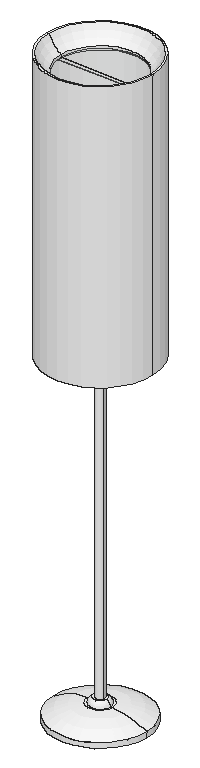
Revit family "LCC6LED-P", category Lighting Fixtures, host Face, Revit 2012
Parameters (values of type "LCC6LEDV2S24L30K8WWBL")
  Wattage Comments = "40W"
  Wattage = 40 W
  built-in parameter 1150110 = 1 (stored number, unit not read)
  Voltage = if(Is 120V, 120 V, 277 V)  # 120 V
  URL = "http://www.prescolite.com/"
  built-in parameter 1114217 = 1 (stored number, unit not read)
  Tilt Angle = -90.00°
  built-in parameter 1150109 = 1 (stored number, unit not read)
  built-in parameter 1150134 = (empty or 0)
  built-in parameter 1150113 = 1 (stored number, unit not read)
  Product Page URL = "http://www.prescolite.com/products/lcc6led"
  Product Documentation Link = "http://cdn.prescolite.com/content/products/specs/specs_files/lfo_led_017.pdf.pdf"
  Photometric Web File = "LCC6LEDV2S24L30K8WWBL.IES"
  Model = "LCC6LED"  # constant formula
  Manufacturer Phone = "864-678-1000"  # constant formula
  Manufacturer Fax = "866-898-0131"  # constant formula
  Manufacturer = "Prescolite"  # constant formula
  built-in parameter 1150105 = 190.99 (stored number, unit not read)
  Lumens = 2400 lm
  built-in parameter 1150115 = 1 (stored number, unit not read)
  Load Classification = Lighting
  built-in parameter 1150137 = (empty or 0)
  built-in parameter 1150139 = (empty or 0)
  Length = 33.750"
  built-in parameter 1150112 = 1 (stored number, unit not read)
  built-in parameter 1150114 = 1 (stored number, unit not read)
  Lamp = "LED Lamp"
  Is 277V = not(Is 120V)  # no
  Is 120V = yes
  built-in parameter 1150132 = 1
  built-in parameter 1150102 = (empty or 0)
  built-in parameter 1150107 = 3000 (stored number, unit not read)
  built-in parameter 1150138 = (empty or 0)
  built-in parameter 1150106 = 1.9099 (stored number, unit not read)
  Glass = Hubbell - Glass
  Emit from Circle Diameter = 5.500"
  Emit Shape Visible in Rendering = no
  built-in parameter 1150104 = 5.5742 (stored number, unit not read)
  Dimming Lamp Color Temperature Shift = <None>
  Description = "6in LED Pendant Mount Cylinder"  # constant formula
  Default Elevation = 48.000"
  Color Filter = 16777215
  built-in parameter 1114218 = 1 (stored number, unit not read)
  Backbox = Hubbell - Matt White
  built-in parameter 1150133 = 10 (stored number, unit not read)
  Apparent Load = 40 VA
Types (4): name | Photometric Web File | built-in parameter 1150105 | Lumens | built-in parameter 1150107 | built-in parameter 1150106 | built-in parameter 1150104
  LCC6LEDV2S24L30K8WWBL | "LCC6LEDV2S24L30K8WWBL.IES" | 190.99 (stored number, unit not read) | 2400 lm | 3000 (stored number, unit not read) | 1.9099 (stored number, unit not read) | 5.5742 (stored number, unit not read)
  LCC6LEDV2S24L35K8WFL45BL | "LCC6LEDV2S24L35K8WFL45BL.IES" | 190.99 (stored number, unit not read) | 2400 lm | 3500 (stored number, unit not read) | 1.9099 (stored number, unit not read) | 5.5742 (stored number, unit not read)
  LCC6LEDV2S30L30K8WWBL | "LCC6LEDV2S30L30K8WWBL.IES" | 238.73 (stored number, unit not read) | 3000 lm | 3000 (stored number, unit not read) | 2.3873 (stored number, unit not read) | 6.9677 (stored number, unit not read)
  LCC6LEDV2S30L35K8WFL45BL | "LCC6LEDV2S30L35K8WFL45BL.IES" | 238.73 (stored number, unit not read) | 3000 lm | 3500 (stored number, unit not read) | 2.3873 (stored number, unit not read) | 6.9677 (stored number, unit not read)
Reference planes (in)
  plane 1 "Center (Front/Back)": y = 0.03999
  plane 2: z = 0
  plane 3 "Center (Left/Right)": x = -11.37583
  plane 4: z = 33.75
  plane 5: z = 18.5
  plane 6: x = -8.37583
  plane 7: x = -14.37583
  plane 8: x = -14.00083
  plane 9: x = -8.75083
  plane 10: z = 19.02892
  plane 11: x = -14.27583
Forms (in)
  Revolve 1, solid, material "Hubbell - Matt White" <- "Backbox"
    sketch origin (0, 0.03999, 0) x (1, 0, 0) y (0, 0, 1)
      loop
        line (-14.37583, 33.75) -> (-14.37583, 18.5) -> (-11.60104, 18.5) -> (-11.60104, 18.40757) -> (-11.37583, 18.40757) -> (-11.37583, 19.02892) -> (-14.27583, 19.02892) -> (-14.27583, 33.52135)
        arc (-14.27583, 33.52135) -> (-14.04622, 33.17214) -> (-13.75787, 32.8696) r 2.32841
        line (-13.75787, 32.8696) -> (-13.88227, 32.8696) -> (-13.88227, 32.60125) -> (-13.78227, 32.60125) -> (-13.78227, 32.7696) -> (-13.62583, 32.7696) -> (-13.62583, 32.8891)
        arc (-13.62583, 32.8891) -> (-14.00304, 33.27973) -> (-14.27457, 33.75) r 2.22841
        line (-14.27457, 33.75) -> (-14.37583, 33.75)
      axis (-11.37583, 33.75) -> (-11.37583, 18.40757)
    angle from 0 to 360
  Revolve 2, solid, material "Hubbell - Matt White" <- "Backbox"
    sketch origin (0, 0.03999, 0) x (1, 0, 0) y (0, 0, 1)
      loop
        line (-11.37583, 0) -> (-11.37583, 1.1426) -> (-11.75412, 1.1426)
        arc (-11.75412, 1.1426) -> (-11.881, 1.01772) -> (-11.94926, 0.85331) r 0.44825
        line (-11.94926, 0.85331) -> (-12.09302, 0.85331)
        arc (-12.09302, 0.85331) -> (-13.08719, 0.71037) -> (-14.00083, 0.29316) r 3.52899
        line (-14.00083, 0.29316) -> (-14.00083, 0) -> (-11.37583, 0)
      axis (-11.37583, 1.1426) -> (-11.37583, 0)
    angle from 0 to 360
  Revolve 3, solid, material "Hubbell - Glass" <- "Glass"
    sketch origin (0, 0.03999, 0) x (1, 0, 0) y (0, 0, 1)
      loop
        line (-13.78227, 32.7696) -> (-13.78227, 32.60125) -> (-11.37583, 32.60125) -> (-11.37583, 32.7696) -> (-13.78227, 32.7696)
      axis (-11.37583, 32.7696) -> (-11.37583, 32.60125)
    angle from 0 to 360
  Revolve 4, solid, material "Hubbell - Matt White" <- "Backbox"
    sketch origin (0, 0.03999, 0) x (1, 0, 0) y (0, 0, 1)
      loop
        line (-11.37583, 1.1426) -> (-11.37583, 18.40757) -> (-11.60104, 18.40757) -> (-11.60104, 1.1426) -> (-11.37583, 1.1426)
      axis (-11.37583, 18.40757) -> (-11.37583, 1.1426)
    angle from 0 to 360
Cuts and joins
  joined: Revolve 1, Revolve 2
Lines and regions (in)
  reference lines
    curve 1: line (-17.26819, 0.03999, 0.29316) -> (-5.51819, 0.03999, 0.29316)
    curve 2: line (-17.26819, 0.03999, 1.1426) -> (-5.51819, 0.03999, 1.1426)
Dimensions and locks (in)
  locked: plane 4 to plane 5 at 15.25
  plane 4 to host face = 33.750"
  equal spacing: plane 7, plane 3 "Center (Left/Right)", plane 6
  locked: plane 7 to plane 6 at 6
  "Length": plane 4 to plane 2
  equal spacing: plane 9, plane 3 "Center (Left/Right)", plane 8
  plane 9 to plane 8 = 5.250"
  locked: plane 10 to plane 5 at 0.52892
  locked: plane 7 to plane 11 at 0.1
  aligned and locked: host face to plane 2
  aligned and locked: level to host face
  aligned and locked: Revolve 1 sketch curve to plane 3 "Center (Left/Right)"  (x2)
  aligned and locked: plane 5 to Revolve 1 sketch curve
  aligned and locked: plane 7 to Revolve 1 sketch curve
  aligned and locked: Revolve 2 sketch curve to plane 3 "Center (Left/Right)"  (x2)
  aligned and locked: Revolve 3 sketch curve to cut or joined group of Revolve 1, Revolve 2  (x3)
  aligned and locked: Revolve 3 sketch curve to plane 3 "Center (Left/Right)"  (x2)
  aligned and locked: plane 3 "Center (Left/Right)" to imposter light
  aligned and locked: imposter light to plane 1 "Center (Front/Back)"
  aligned and locked: Revolve 4 sketch curve to cut or joined group of Revolve 1, Revolve 2  (x3)
  aligned and locked: Revolve 4 sketch curve to plane 3 "Center (Left/Right)"  (x2)
  aligned and locked: curve 1 to cut or joined group of Revolve 1, Revolve 2
  aligned and locked: curve 2 to cut or joined group of Revolve 1, Revolve 2
  aligned and locked: Revolve 1 sketch curve to plane 11
  aligned and locked: plane 8 to Revolve 2 sketch curve
  aligned and locked: plane 2 to Revolve 2 sketch curve
Automatic sketch dimensions
  host sketch curve to host sketch curve = 96.000"  (x2)
  Revolve 3 sketch curve to Revolve 3 sketch curve = 0.690"
  Revolve 3 sketch curve to Revolve 3 sketch curve = 0.4804"
  Revolve 4 sketch curve to level = 6.34243"
  Revolve 4 sketch curve to plane 5 = 2.15757"
  level to curve 2 = 1.1426"
  plane 7 to curve 2 = 2.89236"
  level to curve 1 = 0.29316"
  curve 2 to curve 1 = 0.000"  (x2)
  plane 6 to curve 2 = 2.85764"
  Revolve 1 sketch curve to Revolve 1 sketch curve = 0.000"  (x2)
  Revolve 1 sketch curve to plane 4 = 0.000"
  Revolve 1 sketch curve to Revolve 1 sketch curve = 0.10126"
  plane 8 to Revolve 1 sketch curve = 0.11857"
  Revolve 1 sketch curve to Revolve 1 sketch curve = 0.100"  (x2)
  Revolve 1 sketch curve to Revolve 1 sketch curve = 0.0244"
  Revolve 1 sketch curve to Revolve 1 sketch curve = 0.15643"
  Revolve 1 sketch curve to plane 3 "Center (Left/Right)" = 0.84752"
  plane 5 to Revolve 1 sketch curve = 0.09243"
  Revolve 1 sketch curve to level = 0.99668"
  Revolve 1 sketch curve to plane 4 = 1.14875"
  Revolve 1 sketch curve to Revolve 1 sketch curve = 0.16835"
  Revolve 1 sketch curve to Revolve 1 sketch curve = 0.11949"
  Revolve 1 sketch curve to Revolve 1 sketch curve = 1.00749"
  Revolve 1 sketch curve to Revolve 1 sketch curve = 0.22521"
  Revolve 1 sketch curve to Revolve 1 sketch curve = 0.52892"
  Revolve 2 sketch curve to plane 3 "Center (Left/Right)" = 0.71719"
  Revolve 2 sketch curve to Revolve 2 sketch curve = 0.14376"
  Revolve 2 sketch curve to Revolve 2 sketch curve = 0.19513"
  Revolve 2 sketch curve to plane 3 "Center (Left/Right)" = 0.13354"
  Revolve 2 sketch curve to level = 2.67569"
  Revolve 2 sketch curve to level = 0.50493"
  level to Revolve 2 sketch curve = 0.29316"
  Revolve 2 sketch curve to Revolve 2 sketch curve = 0.08624"
  Revolve 2 sketch curve to plane 5 = 0.8057"
Connectors (in)
  electrical at (-11.37583, 0.03999, 0), driven by "Voltage", driven by "Load Classification", driven by "Apparent Load"
    settings: on cut or joined group of Revolve 1, Revolve 2, index 1, voltage 120 V, apparent load 40 VA, apparent load phase1 0 VA, apparent load phase2 0 VA, apparent load phase3 0 VA, power factor 1, load classification "Lighting", number of poles 1, system type 30, power factor state 1, is connector primary yes, connector utility no, sub classification motor no, connector description "Lighting Connector"
